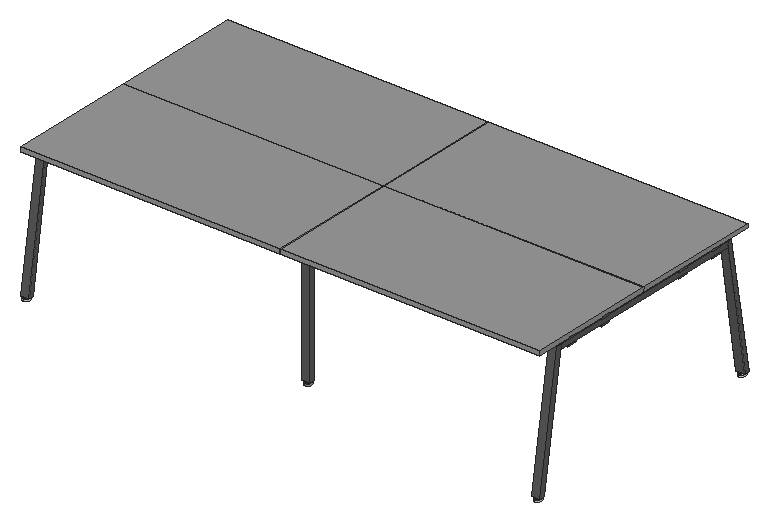
Revit family "Haworth_Tibas_Desk_BenchWorkstation_EU_PRELIMINARY", category Furniture, Revit 2019 (continued)
Definition of nested family "Haworth_Tibas_CableManagement_HorizontalCableTrayDoubleWire_PART"
  Definition of nested family "Haworth_Tibas_CableManagement_HorizontalCableTrayDoubleWire_120cm-PART"
    Automatic sketch dimensions
      Extrusion 2 sketch curve to Extrusion 2 sketch curve = 1.7963 cm
      plane 4 to Extrusion 3 sketch curve = 0.3062 cm  (x5)
      Extrusion 3 sketch curve to plane 7 = 0.6855 cm
      Extrusion 3 sketch curve to Extrusion 3 sketch curve = 7.5555 cm
      Extrusion 3 sketch curve to Extrusion 3 sketch curve = 0.1945 cm  (x2)
      plane 5 "Front" to Extrusion 3 sketch curve = 1.5977 cm  (x13)
      Extrusion 3 sketch curve to Extrusion 3 sketch curve = 5.7925 cm  (x8)
      Extrusion 3 sketch curve to Extrusion 3 sketch curve = 0.2075 cm  (x13)
      Extrusion 3 sketch curve to Extrusion 3 sketch curve = 5.8055 cm  (x7)
      Extrusion 3 sketch curve to Extrusion 3 sketch curve = 0.2204 cm  (x3)
      plane 3 to Extrusion 3 sketch curve = 3.7202 cm
      Extrusion 3 sketch curve to plane 3 = 2.2927 cm
      plane 8 to Extrusion 3 sketch curve = 0.5 cm
      Extrusion 3 sketch curve to Extrusion 3 sketch curve = 0 cm  (x20)
      Masking region 1 sketch curve to plane 7 = 0 cm
      Masking region 1 sketch curve to plane 8 = 0 cm
      Extrusion 4 sketch curve to plane 6 = 3.0319 cm
      Extrusion 4 sketch curve to Extrusion 4 sketch curve = 0.0018 cm
      Extrusion 4 sketch curve to Extrusion 4 sketch curve = 0.7759 cm
      Extrusion 4 sketch curve to plane 4 = 0.5519 cm
      Extrusion 4 sketch curve to Extrusion 4 sketch curve = 0.0223 cm
      plane 2 "Support Top" to Extrusion 4 sketch curve = 0.0675 cm
      Extrusion 4 sketch curve to Extrusion 4 sketch curve = 0.2 cm  (x3)
      Extrusion 4 sketch curve to Extrusion 4 sketch curve = 0.024 cm  (x2)
      Extrusion 4 sketch curve to plane 4 = 0.051 cm
      Extrusion 4 sketch curve to plane 4 = 0.0296 cm
      plane 4 to Extrusion 4 sketch curve = 0.1704 cm
      Extrusion 4 sketch curve to Extrusion 4 sketch curve = 0.0224 cm
      Extrusion 4 sketch curve to Extrusion 4 sketch curve = 4.0076 cm
      Extrusion 4 sketch curve to Extrusion 4 sketch curve = 0.02 cm  (x2)
      Extrusion 4 sketch curve to plane 2 "Support Top" = 0.1325 cm
      Extrusion 4 sketch curve to plane 2 "Support Top" = 5.7325 cm
      Extrusion 4 sketch curve to Extrusion 4 sketch curve = 0.225 cm
      Extrusion 4 sketch curve to Extrusion 4 sketch curve = 0 cm
      Extrusion 4 sketch curve to Extrusion 4 sketch curve = 2.5563 cm
      plane 6 to Extrusion 5 sketch curve = 3.0319 cm
      Extrusion 5 sketch curve to Extrusion 5 sketch curve = 0.0018 cm
      Extrusion 5 sketch curve to Extrusion 5 sketch curve = 0.7759 cm
      Extrusion 5 sketch curve to plane 5 "Front" = 0.5519 cm
      Extrusion 5 sketch curve to Extrusion 5 sketch curve = 0.0223 cm
      plane 2 "Support Top" to Extrusion 5 sketch curve = 0.0675 cm
      Extrusion 5 sketch curve to Extrusion 5 sketch curve = 0.2 cm  (x4)
      Extrusion 5 sketch curve to Extrusion 5 sketch curve = 0.024 cm
      Extrusion 5 sketch curve to plane 5 "Front" = 0.051 cm
      Extrusion 5 sketch curve to plane 5 "Front" = 0.0296 cm
      plane 5 "Front" to Extrusion 5 sketch curve = 0.1704 cm
      Extrusion 5 sketch curve to Extrusion 5 sketch curve = 0.0224 cm
      Extrusion 5 sketch curve to Extrusion 5 sketch curve = 4.0076 cm
      Extrusion 5 sketch curve to Extrusion 5 sketch curve = 0.02 cm  (x2)
      Extrusion 5 sketch curve to Extrusion 5 sketch curve = 2.5563 cm
      Extrusion 5 sketch curve to plane 2 "Support Top" = 0.1325 cm
      Extrusion 5 sketch curve to plane 2 "Support Top" = 5.7325 cm
      Extrusion 5 sketch curve to Extrusion 5 sketch curve = 0.225 cm
      Extrusion 5 sketch curve to Extrusion 5 sketch curve = 0 cm
      Extrusion 6 sketch curve to plane 6 = 3.0319 cm
      Extrusion 6 sketch curve to Extrusion 6 sketch curve = 0.0018 cm
      Extrusion 6 sketch curve to Extrusion 6 sketch curve = 0.7759 cm
      Extrusion 6 sketch curve to plane 4 = 0.5519 cm
      Extrusion 6 sketch curve to Extrusion 6 sketch curve = 0.0223 cm
      plane 2 "Support Top" to Extrusion 6 sketch curve = 0.0675 cm
      Extrusion 6 sketch curve to Extrusion 6 sketch curve = 0.2 cm  (x4)
      Extrusion 6 sketch curve to Extrusion 6 sketch curve = 0.024 cm
      Extrusion 6 sketch curve to plane 4 = 0.051 cm
      Extrusion 6 sketch curve to plane 4 = 0.0296 cm
      plane 4 to Extrusion 6 sketch curve = 0.1704 cm
      Extrusion 6 sketch curve to Extrusion 6 sketch curve = 0.0224 cm
      Extrusion 6 sketch curve to Extrusion 6 sketch curve = 4.0076 cm
      Extrusion 6 sketch curve to Extrusion 6 sketch curve = 0.02 cm  (x2)
      Extrusion 6 sketch curve to Extrusion 6 sketch curve = 2.5563 cm
      Extrusion 6 sketch curve to plane 2 "Support Top" = 0.1325 cm
      Extrusion 6 sketch curve to plane 2 "Support Top" = 5.7325 cm
      Extrusion 6 sketch curve to Extrusion 6 sketch curve = 0.225 cm
      Extrusion 6 sketch curve to Extrusion 6 sketch curve = 0 cm
      plane 6 to Extrusion 7 sketch curve = 3.0319 cm
      Extrusion 7 sketch curve to Extrusion 7 sketch curve = 0.0018 cm
      Extrusion 7 sketch curve to Extrusion 7 sketch curve = 0.7759 cm
      Extrusion 7 sketch curve to plane 5 "Front" = 0.5519 cm
      Extrusion 7 sketch curve to Extrusion 7 sketch curve = 0.0223 cm
      plane 2 "Support Top" to Extrusion 7 sketch curve = 0.0675 cm
      Extrusion 7 sketch curve to Extrusion 7 sketch curve = 0.2 cm  (x3)
      Extrusion 7 sketch curve to Extrusion 7 sketch curve = 0.024 cm  (x2)
      Extrusion 7 sketch curve to plane 5 "Front" = 0.051 cm
      Extrusion 7 sketch curve to plane 5 "Front" = 0.0296 cm
      plane 5 "Front" to Extrusion 7 sketch curve = 0.1704 cm
      Extrusion 7 sketch curve to Extrusion 7 sketch curve = 0.0224 cm
      Extrusion 7 sketch curve to Extrusion 7 sketch curve = 4.0076 cm
      Extrusion 7 sketch curve to Extrusion 7 sketch curve = 0.02 cm  (x2)
      Extrusion 7 sketch curve to plane 2 "Support Top" = 0.1325 cm
      Extrusion 7 sketch curve to plane 2 "Support Top" = 5.7325 cm
      Extrusion 7 sketch curve to Extrusion 7 sketch curve = 0.225 cm
      Extrusion 7 sketch curve to Extrusion 7 sketch curve = 0 cm
      Extrusion 7 sketch curve to Extrusion 7 sketch curve = 2.5563 cm
  Definition of nested family "Haworth_Tibas_CableManagement_HorizontalCableTrayDoubleWire_160cm-PART"
    Parameters (values of type "Wire Basket Double - 160cm")
      Warranty = "http://www.haworth.com/resources/product-info/warranties"
      Void Width = 20 cm  # constant formula
      URL = "www.haworth.com"
      Trim Finish = none
      Size = "Verify Final Dim. w/ Haworth"  # constant formula
      Revision Number = "1"  # constant formula
      Model = "Haworth -  Wire Basket "  # constant formula
      Manufacturer = "Haworth"  # constant formula
      Description = "Haworth -  Wire Basket 160cm "  # constant formula
      Cable Tray Finish = none
      Author = "Haworth (Abd Rahman)"  # constant formula
      Assembly Code = "E2020200"
      Actual Width = 160 cm  # constant formula
      Actual Depth = 35.5 cm  # constant formula
    Reference planes (cm)
      plane 1: z = 0
      plane 2 "Support Top": z = 74.1363
      plane 3: x = 20.8036
      plane 4: y = -4.3686
      plane 5 "Front": y = -39.8686
      plane 6: y = -22.1186
      plane 7: x = -59.1964
      plane 8: x = 100.8036
    Forms (cm)
      Extrusion 1, solid, material <- "Cable Tray Finish"
        sketch origin (-68.41, -24.7371, 0) x (0, 1, 0) y (0, 0, -1)
          loop
            line (-14.9352, -74.1362) -> (-14.9352, -68.4381)
            arc (-14.9352, -68.4381) -> (-14.8766, -68.2965) -> (-14.735, -68.2378) r 0.2003
            line (-14.735, -68.2378) -> (19.8574, -68.2378)
            arc (19.8574, -68.2378) -> (20.0023, -68.2979) -> (20.0623, -68.4428) r 0.205
            line (20.0623, -68.4428) -> (20.0623, -74.1362) -> (20.3686, -74.1362) -> (20.3686, -68.4261)
            arc (20.3686, -68.4261) -> (20.2547, -68.1513) -> (19.9799, -68.0374) r 0.3886
            line (19.9799, -68.0374) -> (-14.7394, -68.0374)
            arc (-14.7394, -68.0374) -> (-15.0138, -68.1511) -> (-15.1275, -68.4255) r 0.3881
            line (-15.1275, -68.4255) -> (-15.1275, -74.1362) -> (-14.9352, -74.1362)
        from -169.2136 to -9.2136
      Extrusion 2, void
        sketch origin (0, -2.9666, 0) x (1, 0, 0) y (0, 0, -1)
          loop
            line (-58.636, -73.9397) -> (-50.4684, -73.9397) -> (-50.4684, -70.6269) -> (-58.636, -70.6269) -> (-58.636, -73.9397)
          loop
            line (-50.4684, -70.4411) -> (-50.4684, -68.6179) -> (-58.636, -68.6179) -> (-58.636, -70.4411) -> (-50.4684, -70.4411)
          loop
            line (-50.261, -73.9397) -> (-44.4684, -73.9397) -> (-44.4684, -70.6269) -> (-50.261, -70.6269) -> (-50.261, -73.9397)
          loop
            line (-44.4684, -70.4411) -> (-44.4684, -68.6179) -> (-50.261, -68.6179) -> (-50.261, -70.4411) -> (-44.4684, -70.4411)
          loop
            line (-44.261, -73.9397) -> (-38.4684, -73.9397) -> (-38.4684, -70.6269) -> (-44.261, -70.6269) -> (-44.261, -73.9397)
          loop
            line (-38.4684, -70.4411) -> (-38.4684, -68.6448) -> (-44.261, -68.6448) -> (-44.261, -70.4411) -> (-38.4684, -70.4411)
          loop
            line (-38.261, -73.9397) -> (-32.4684, -73.9397) -> (-32.4684, -70.6269) -> (-38.261, -70.6269) -> (-38.261, -73.9397)
          loop
            line (-32.4684, -70.4411) -> (-32.4684, -68.6448) -> (-38.261, -68.6448) -> (-38.261, -70.4411) -> (-32.4684, -70.4411)
          loop
            line (-32.261, -73.9397) -> (-26.4684, -73.9397) -> (-26.4684, -70.6269) -> (-32.261, -70.6269) -> (-32.261, -73.9397)
          loop
            line (-26.4684, -70.4411) -> (-26.4684, -68.6448) -> (-32.261, -68.6448) -> (-32.261, -70.4411) -> (-26.4684, -70.4411)
          loop
            line (-26.261, -73.9397) -> (-20.4684, -73.9397) -> (-20.4684, -70.6269) -> (-26.261, -70.6269) -> (-26.261, -73.9397)
          loop
            line (-20.4684, -70.4411) -> (-20.4684, -68.6582) -> (-26.261, -68.6582) -> (-26.261, -70.4411) -> (-20.4684, -70.4411)
          loop
            line (-20.261, -73.9397) -> (-14.4684, -73.9397) -> (-14.4684, -70.6269) -> (-20.261, -70.6269) -> (-20.261, -73.9397)
          loop
            line (-14.4684, -70.4411) -> (-14.4684, -68.6582) -> (-20.261, -68.6582) -> (-20.261, -70.4411) -> (-14.4684, -70.4411)
          loop
            line (-14.261, -73.9397) -> (-8.4684, -73.9397) -> (-8.4684, -70.6269) -> (-14.261, -70.6269) -> (-14.261, -73.9397)
          loop
            line (-8.4684, -70.4411) -> (-8.4684, -68.6582) -> (-14.261, -68.6582) -> (-14.261, -70.4411) -> (-8.4684, -70.4411)
          loop
            line (-8.261, -73.9397) -> (-2.4684, -73.9397) -> (-2.4684, -70.6269) -> (-8.261, -70.6269) -> (-8.261, -73.9397)
          loop
            line (-2.4684, -70.4411) -> (-2.4684, -68.6448) -> (-8.261, -68.6448) -> (-8.261, -70.4411) -> (-2.4684, -70.4411)
          loop
            line (-2.261, -73.9397) -> (3.5316, -73.9397) -> (3.5316, -70.6269) -> (-2.261, -70.6269) -> (-2.261, -73.9397)
          loop
            line (3.5316, -70.4411) -> (3.5316, -68.6582) -> (-2.261, -68.6582) -> (-2.261, -70.4411) -> (3.5316, -70.4411)
          loop
            line (3.739, -73.9397) -> (9.5316, -73.9397) -> (9.5316, -70.6269) -> (3.739, -70.6269) -> (3.739, -73.9397)
          loop
            line (9.5316, -70.4411) -> (9.5316, -68.6582) -> (3.739, -68.6582) -> (3.739, -70.4411) -> (9.5316, -70.4411)
          loop
            line (9.739, -73.9397) -> (15.5316, -73.9397) -> (15.5316, -70.6269) -> (9.739, -70.6269) -> (9.739, -73.9397)
          loop
            line (15.5316, -70.4411) -> (15.5316, -68.6582) -> (9.739, -68.6582) -> (9.739, -70.4411) -> (15.5316, -70.4411)
          loop
            line (15.739, -73.9397) -> (21.5316, -73.9397) -> (21.5316, -70.6269) -> (15.739, -70.6269) -> (15.739, -73.9397)
          loop
            line (21.5316, -70.4411) -> (21.5316, -68.6582) -> (15.739, -68.6582) -> (15.739, -70.4411) -> (21.5316, -70.4411)
          loop
            line (21.739, -73.9397) -> (27.5316, -73.9397) -> (27.5316, -70.6269) -> (21.739, -70.6269) -> (21.739, -73.9397)
          loop
            line (27.5316, -70.4411) -> (27.5316, -68.6582) -> (21.739, -68.6582) -> (21.739, -70.4411) -> (27.5316, -70.4411)
          loop
            line (27.739, -73.9397) -> (33.5316, -73.9397) -> (33.5316, -70.6269) -> (27.739, -70.6269) -> (27.739, -73.9397)
          loop
            line (33.5316, -70.4411) -> (33.5316, -68.6448) -> (27.739, -68.6448) -> (27.739, -70.4411) -> (33.5316, -70.4411)
          loop
            line (33.739, -73.9397) -> (39.5316, -73.9397) -> (39.5316, -70.6269) -> (33.739, -70.6269) -> (33.739, -73.9397)
          loop
            line (39.5316, -70.4411) -> (39.5316, -68.6582) -> (33.739, -68.6582) -> (33.739, -70.4411) -> (39.5316, -70.4411)
          loop
            line (39.739, -73.9397) -> (45.5316, -73.9397) -> (45.5316, -70.6269) -> (39.739, -70.6269) -> (39.739, -73.9397)
          loop
            line (45.5316, -70.4411) -> (45.5316, -68.6582) -> (39.739, -68.6582) -> (39.739, -70.4411) -> (45.5316, -70.4411)
          loop
            line (45.739, -73.9397) -> (51.5316, -73.9397) -> (51.5316, -70.6269) -> (45.739, -70.6269) -> (45.739, -73.9397)
          loop
            line (51.5316, -70.4411) -> (51.5316, -68.6582) -> (45.739, -68.6582) -> (45.739, -70.4411) -> (51.5316, -70.4411)
          loop
            line (51.739, -73.9397) -> (57.5316, -73.9397) -> (57.5316, -70.6269) -> (51.739, -70.6269) -> (51.739, -73.9397)
          loop
            line (57.5316, -70.4411) -> (57.5316, -68.6582) -> (51.739, -68.6582) -> (51.739, -70.4411) -> (57.5316, -70.4411)
          loop
            line (57.739, -73.9397) -> (63.5316, -73.9397) -> (63.5316, -70.6269) -> (57.739, -70.6269) -> (57.739, -73.9397)
          loop
            line (63.5316, -70.4411) -> (63.5316, -68.6582) -> (57.739, -68.6582) -> (57.739, -70.4411) -> (63.5316, -70.4411)
          loop
            line (63.739, -73.9397) -> (69.5316, -73.9397) -> (69.5316, -70.6269) -> (63.739, -70.6269) -> (63.739, -73.9397)
          loop
            line (69.5316, -70.4411) -> (69.5316, -68.6448) -> (63.739, -68.6448) -> (63.739, -70.4411) -> (69.5316, -70.4411)
          loop
            line (69.739, -73.9397) -> (75.5316, -73.9397) -> (75.5316, -70.6269) -> (69.739, -70.6269) -> (69.739, -73.9397)
          loop
            line (75.5316, -70.4411) -> (75.5316, -68.6582) -> (69.739, -68.6582) -> (69.739, -70.4411) -> (75.5316, -70.4411)
          loop
            line (75.739, -73.9397) -> (81.5316, -73.9397) -> (81.5316, -70.6269) -> (75.739, -70.6269) -> (75.739, -73.9397)
          loop
            line (81.5316, -70.4411) -> (81.5316, -68.6582) -> (75.739, -68.6582) -> (75.739, -70.4411) -> (81.5316, -70.4411)
          loop
            line (81.739, -73.9397) -> (87.5316, -73.9397) -> (87.5316, -70.6269) -> (81.739, -70.6269) -> (81.739, -73.9397)
          loop
            line (87.5316, -70.4411) -> (87.5316, -68.6582) -> (81.739, -68.6582) -> (81.739, -70.4411) -> (87.5316, -70.4411)
          loop
            line (87.739, -73.9397) -> (93.5316, -73.9397) -> (93.5316, -70.6269) -> (87.739, -70.6269) -> (87.739, -73.9397)
          loop
            line (93.5316, -70.4411) -> (93.5316, -68.6582) -> (87.739, -68.6582) -> (87.739, -70.4411) -> (93.5316, -70.4411)
          loop
            line (93.739, -73.9397) -> (100.4066, -73.9397) -> (100.4066, -70.6269) -> (93.739, -70.6269) -> (93.739, -73.9397)
          loop
            line (100.4066, -70.4411) -> (100.4066, -68.6582) -> (93.739, -68.6582) -> (93.739, -70.4411) -> (100.4066, -70.4411)
        from -45.4705 to 0.5784
      Extrusion 3, void
        sketch origin (0, -24.7371, 0) x (1, 0, 0) y (0, 1, 0)
          loop
            line (-58.511, -13.5337) -> (-54.9555, -13.5337) -> (-54.9555, 20.0623) -> (-58.511, 20.0623) -> (-58.511, -13.5337)
          loop
            line (-54.761, -13.5337) -> (-48.9684, -13.5337) -> (-48.9684, 20.0623) -> (-54.761, 20.0623) -> (-54.761, -13.5337)
          loop
            line (-48.761, -13.5337) -> (-42.9555, -13.5337) -> (-42.9555, 20.0623) -> (-48.761, 20.0623) -> (-48.761, -13.5337)
          loop
            line (-42.761, -13.5337) -> (-36.9684, -13.5337) -> (-36.9684, 20.0623) -> (-42.761, 20.0623) -> (-42.761, -13.5337)
          loop
            line (-36.761, -13.5337) -> (-30.9555, -13.5337) -> (-30.9555, 20.0623) -> (-36.761, 20.0623) -> (-36.761, -13.5337)
          loop
            line (-30.761, -13.5337) -> (-24.9684, -13.5337) -> (-24.9684, 20.0623) -> (-30.761, 20.0623) -> (-30.761, -13.5337)
          loop
            line (-24.761, -13.5337) -> (-18.9555, -13.5337) -> (-18.9555, 20.0623) -> (-24.761, 20.0623) -> (-24.761, -13.5337)
          loop
            line (-18.761, -13.5337) -> (-12.9684, -13.5337) -> (-12.9684, 20.0623) -> (-18.761, 20.0623) -> (-18.761, -13.5337)
          loop
            line (-12.761, -13.5337) -> (-6.9555, -13.5337) -> (-6.9555, 20.0623) -> (-12.761, 20.0623) -> (-12.761, -13.5337)
          loop
            line (-6.748, -13.5337) -> (-0.9555, -13.5337) -> (-0.9555, 20.0623) -> (-6.748, 20.0623) -> (-6.748, -13.5337)
          loop
            line (-0.748, -13.5337) -> (5.0575, -13.5337) -> (5.0575, 20.0623) -> (-0.748, 20.0623) -> (-0.748, -13.5337)
          loop
            line (5.2779, -13.5337) -> (11.0704, -13.5337) -> (11.0704, 20.0623) -> (5.2779, 20.0623) -> (5.2779, -13.5337)
          loop
            line (11.2779, -13.5337) -> (17.0834, -13.5337) -> (17.0834, 20.0623) -> (11.2779, 20.0623) -> (11.2779, -13.5337)
          loop
            line (17.2908, -13.5337) -> (23.0963, -13.5337) -> (23.0963, 20.0623) -> (17.2908, 20.0623) -> (17.2908, -13.5337)
          loop
            line (23.3038, -13.5337) -> (29.0963, -13.5337) -> (29.0963, 20.0623) -> (23.3038, 20.0623) -> (23.3038, -13.5337)
          loop
            line (29.3038, -13.5337) -> (35.1093, -13.5337) -> (35.1093, 20.0623) -> (29.3038, 20.0623) -> (29.3038, -13.5337)
          loop
            line (35.3297, -13.5337) -> (41.1222, -13.5337) -> (41.1222, 20.0623) -> (35.3297, 20.0623) -> (35.3297, -13.5337)
          loop
            line (41.3297, -13.5337) -> (47.1351, -13.5337) -> (47.1351, 20.0623) -> (41.3297, 20.0623) -> (41.3297, -13.5337)
          loop
            line (47.3426, -13.5337) -> (53.1481, -13.5337) -> (53.1481, 20.0623) -> (47.3426, 20.0623) -> (47.3426, -13.5337)
          loop
            line (53.3556, -13.5337) -> (59.1481, -13.5337) -> (59.1481, 20.0623) -> (53.3556, 20.0623) -> (53.3556, -13.5337)
          loop
            line (59.3556, -13.5337) -> (65.161, -13.5337) -> (65.161, 20.0623) -> (59.3556, 20.0623) -> (59.3556, -13.5337)
          loop
            line (65.3815, -13.5337) -> (71.174, -13.5337) -> (71.174, 20.0623) -> (65.3815, 20.0623) -> (65.3815, -13.5337)
          loop
            line (71.3815, -13.5337) -> (77.1869, -13.5337) -> (77.1869, 20.0623) -> (71.3815, 20.0623) -> (71.3815, -13.5337)
          loop
            line (77.3944, -13.5337) -> (83.1999, -13.5337) -> (83.1999, 20.0623) -> (77.3944, 20.0623) -> (77.3944, -13.5337)
          loop
            line (83.4074, -13.5337) -> (89.1999, -13.5337) -> (89.1999, 20.0623) -> (83.4074, 20.0623) -> (83.4074, -13.5337)
          loop
            line (89.4074, -13.5337) -> (95.2128, -13.5337) -> (95.2128, 20.0623) -> (89.4074, 20.0623) -> (89.4074, -13.5337)
          loop
            line (95.4333, -13.5337) -> (100.1181, -13.5337) -> (100.1181, 20.0623) -> (95.4333, 20.0623) -> (95.4333, -13.5337)
        from 0 to 76.0995
      Extrusion 4, solid, material <- "Trim Finish"
        sketch origin (109.161, -43.9904, 80.0038) x (0, 1, 0) y (0, 0, 1)
          loop
            arc (-0.1605, -2.8) -> (-0.3161, -2.8644) -> (-0.3806, -3.02) r 0.22
            line (-0.3806, -3.02) -> (-0.3806, -6) -> (-0.1806, -6) -> (-0.1806, -3) -> (3.8694, -3) -> (3.8694, -5.5787)
            arc (3.8694, -5.5787) -> (3.9343, -5.7352) -> (4.0907, -5.8) r 0.2213
            line (4.0907, -5.8) -> (4.3694, -5.8) -> (4.3694, -12.2277)
            arc (4.3694, -12.2277) -> (4.4345, -12.3849) -> (4.5917, -12.45) r 0.2223
            line (4.5917, -12.45) -> (18.7578, -12.45)
            arc (18.7578, -12.45) -> (19.1828, -12.025) -> (18.7578, -11.6) r 0.425
            line (18.7578, -11.6) -> (17.9819, -11.6) -> (17.9819, -11.8) -> (18.7561, -11.8)
            arc (18.7561, -11.8) -> (18.9811, -12.025) -> (18.7561, -12.25) r 0.225
            line (18.7561, -12.25) -> (4.5694, -12.25) -> (4.5694, -5.824)
            arc (4.5694, -5.824) -> (4.5038, -5.6656) -> (4.3454, -5.6) r 0.224
            line (4.3454, -5.6) -> (4.0694, -5.6) -> (4.0694, -3.0224)
            arc (4.0694, -3.0224) -> (4.0043, -2.8651) -> (3.8471, -2.8) r 0.2224
            line (3.8471, -2.8) -> (-0.1605, -2.8)
        from -36.501 to -33.501
      Extrusion 5, solid, material <- "Trim Finish"
        sketch origin (109.161, -0.2468, 80.0038) x (0, -1, 0) y (0, 0, -1)
          loop
            line (-0.1605, 2.8) -> (3.8471, 2.8)
            arc (3.8471, 2.8) -> (4.0043, 2.8651) -> (4.0694, 3.0224) r 0.2224
            line (4.0694, 3.0224) -> (4.0694, 5.6) -> (4.3454, 5.6)
            arc (4.3454, 5.6) -> (4.5038, 5.6656) -> (4.5694, 5.824) r 0.224
            line (4.5694, 5.824) -> (4.5694, 12.25) -> (18.7561, 12.25)
            arc (18.7561, 12.25) -> (18.9811, 12.025) -> (18.7561, 11.8) r 0.225
            line (18.7561, 11.8) -> (17.9819, 11.8) -> (17.9819, 11.6) -> (18.7578, 11.6)
            arc (18.7578, 11.6) -> (19.1828, 12.025) -> (18.7578, 12.45) r 0.425
            line (18.7578, 12.45) -> (4.5917, 12.45)
            arc (4.5917, 12.45) -> (4.4345, 12.3849) -> (4.3694, 12.2277) r 0.2223
            line (4.3694, 12.2277) -> (4.3694, 5.8) -> (4.0907, 5.8)
            arc (4.0907, 5.8) -> (3.9343, 5.7352) -> (3.8694, 5.5787) r 0.2213
            line (3.8694, 5.5787) -> (3.8694, 3) -> (-0.1806, 3) -> (-0.1806, 6) -> (-0.3806, 6) -> (-0.3806, 3.02)
            arc (-0.3806, 3.02) -> (-0.3161, 2.8644) -> (-0.1605, 2.8) r 0.22
        from -36.501 to -33.501
      Extrusion 6, solid, material <- "Trim Finish"
        sketch origin (-68.5538, -43.9904, 80.0038) x (0, 1, 0) y (0, 0, -1)
          loop
            line (-0.1605, 2.8) -> (3.8471, 2.8)
            arc (3.8471, 2.8) -> (4.0043, 2.8651) -> (4.0694, 3.0224) r 0.2224
            line (4.0694, 3.0224) -> (4.0694, 5.6) -> (4.3454, 5.6)
            arc (4.3454, 5.6) -> (4.5038, 5.6656) -> (4.5694, 5.824) r 0.224
            line (4.5694, 5.824) -> (4.5694, 12.25) -> (18.7561, 12.25)
            arc (18.7561, 12.25) -> (18.9811, 12.025) -> (18.7561, 11.8) r 0.225
            line (18.7561, 11.8) -> (17.9819, 11.8) -> (17.9819, 11.6) -> (18.7578, 11.6)
            arc (18.7578, 11.6) -> (19.1828, 12.025) -> (18.7578, 12.45) r 0.425
            line (18.7578, 12.45) -> (4.5917, 12.45)
            arc (4.5917, 12.45) -> (4.4345, 12.3849) -> (4.3694, 12.2277) r 0.2223
            line (4.3694, 12.2277) -> (4.3694, 5.8) -> (4.0907, 5.8)
            arc (4.0907, 5.8) -> (3.9343, 5.7352) -> (3.8694, 5.5787) r 0.2213
            line (3.8694, 5.5787) -> (3.8694, 3) -> (-0.1806, 3) -> (-0.1806, 6) -> (-0.3806, 6) -> (-0.3806, 3.02)
            arc (-0.3806, 3.02) -> (-0.3161, 2.8644) -> (-0.1605, 2.8) r 0.22
        from -36.501 to -33.501
      Extrusion 7, solid, material <- "Trim Finish"
        sketch origin (-68.5538, -0.2468, 80.0038) x (0, -1, 0) y (0, 0, 1)
          loop
            arc (-0.1605, -2.8) -> (-0.3161, -2.8644) -> (-0.3806, -3.02) r 0.22
            line (-0.3806, -3.02) -> (-0.3806, -6) -> (-0.1806, -6) -> (-0.1806, -3) -> (3.8694, -3) -> (3.8694, -5.5787)
            arc (3.8694, -5.5787) -> (3.9343, -5.7352) -> (4.0907, -5.8) r 0.2213
            line (4.0907, -5.8) -> (4.3694, -5.8) -> (4.3694, -12.2277)
            arc (4.3694, -12.2277) -> (4.4345, -12.3849) -> (4.5917, -12.45) r 0.2223
            line (4.5917, -12.45) -> (18.7578, -12.45)
            arc (18.7578, -12.45) -> (19.1828, -12.025) -> (18.7578, -11.6) r 0.425
            line (18.7578, -11.6) -> (17.9819, -11.6) -> (17.9819, -11.8) -> (18.7561, -11.8)
            arc (18.7561, -11.8) -> (18.9811, -12.025) -> (18.7561, -12.25) r 0.225
            line (18.7561, -12.25) -> (4.5694, -12.25) -> (4.5694, -5.824)
            arc (4.5694, -5.824) -> (4.5038, -5.6656) -> (4.3454, -5.6) r 0.224
            line (4.3454, -5.6) -> (4.0694, -5.6) -> (4.0694, -3.0224)
            arc (4.0694, -3.0224) -> (4.0043, -2.8651) -> (3.8471, -2.8) r 0.2224
            line (3.8471, -2.8) -> (-0.1605, -2.8)
        from -36.501 to -33.501
    Cuts and joins
      Extrusion 2, Extrusion 3 cuts Extrusion 1
    Lines and regions (cm)
      Masking region 1
        outline origin (0, 0, 0) x (1, 0, 0) y (0, 1, 0)
          loop
            line (-59.1964, -4.3686) -> (-59.1964, -39.8686) -> (100.8036, -39.8686) -> (100.8036, -4.3686) -> (-59.1964, -4.3686)
    Dimensions and locks (cm)
      locked: plane 2 "Support Top" to level at 74.1363
      equal spacing: plane 4, plane 6, plane 5 "Front"
      "Actual Depth": plane 5 "Front" to plane 4
      equal spacing: plane 7, plane 3, plane 8
      "Actual Width": plane 7 to plane 8
      aligned and locked: plane 4 to cut or joined group of Extrusion 1, Extrusion 2, Extrusion 3
      aligned and locked: Masking region 1 sketch curve to plane 4
      aligned and locked: Masking region 1 sketch curve to plane 5 "Front"
      aligned and locked: cut or joined group of Extrusion 1, Extrusion 2, Extrusion 3 to plane 8
      aligned and locked: Masking region 1 to plane 8
      aligned and locked: cut or joined group of Extrusion 1, Extrusion 2, Extrusion 3 to plane 7
      aligned and locked: Masking region 1 to plane 7
    Automatic sketch dimensions
      Extrusion 1 sketch curve to plane 2 "Support Top" = 0 cm  (x2)
      Extrusion 1 sketch curve to plane 4 = 0 cm
      Extrusion 1 sketch curve to Extrusion 1 sketch curve = 0.3062 cm
      Extrusion 1 sketch curve to plane 4 = 0.3886 cm
      Extrusion 1 sketch curve to Extrusion 1 sketch curve = 0.1226 cm
      Extrusion 1 sketch curve to plane 5 "Front" = 0.3965 cm
      Extrusion 1 sketch curve to Extrusion 1 sketch curve = 0.0044 cm
      Extrusion 1 sketch curve to plane 5 "Front" = 0.1962 cm
      Extrusion 1 sketch curve to plane 5 "Front" = 0.004 cm
      Extrusion 1 sketch curve to plane 2 "Support Top" = 5.6934 cm
      Extrusion 1 sketch curve to Extrusion 1 sketch curve = 0.0167 cm
      Extrusion 2 sketch curve to plane 2 "Support Top" = 0.1965 cm  (x26)
      plane 7 to Extrusion 2 sketch curve = 0.5605 cm
      Extrusion 2 sketch curve to Extrusion 2 sketch curve = 0 cm  (x65)
      Extrusion 2 sketch curve to Extrusion 2 sketch curve = 8.1675 cm
      Extrusion 2 sketch curve to Extrusion 2 sketch curve = 0.2075 cm  (x34)
      Extrusion 2 sketch curve to Extrusion 2 sketch curve = 5.7925 cm  (x22)
      Extrusion 2 sketch curve to plane 3 = 5.272 cm
      plane 3 to Extrusion 2 sketch curve = 0.728 cm  (x2)
      Extrusion 2 sketch curve to plane 8 = 0.397 cm  (x2)
      Extrusion 2 sketch curve to Extrusion 2 sketch curve = 3.3128 cm  (x6)
      Extrusion 2 sketch curve to Extrusion 2 sketch curve = 0.1859 cm  (x26)
      Extrusion 2 sketch curve to Extrusion 2 sketch curve = 1.7829 cm  (x16)
      Extrusion 2 sketch curve to Extrusion 2 sketch curve = 0.0134 cm  (x4)
      Extrusion 2 sketch curve to Extrusion 2 sketch curve = 1.7963 cm
      Extrusion 2 sketch curve to Extrusion 2 sketch curve = 1.8232 cm
      plane 4 to Extrusion 3 sketch curve = 0.3062 cm  (x16)
      Extrusion 3 sketch curve to plane 7 = 0.6855 cm
      Extrusion 3 sketch curve to Extrusion 3 sketch curve = 3.5555 cm
      Extrusion 3 sketch curve to Extrusion 3 sketch curve = 0.1945 cm  (x4)
      Extrusion 3 sketch curve to Extrusion 3 sketch curve = 5.7925 cm  (x11)
      Extrusion 3 sketch curve to Extrusion 3 sketch curve = 0.2075 cm  (x18)
      Extrusion 3 sketch curve to Extrusion 3 sketch curve = 5.8055 cm  (x11)
      plane 5 "Front" to Extrusion 3 sketch curve = 1.5977 cm  (x13)
      Extrusion 3 sketch curve to Extrusion 3 sketch curve = 0.2204 cm  (x4)
      plane 3 to Extrusion 3 sketch curve = 3.7202 cm
      Extrusion 3 sketch curve to plane 3 = 2.2927 cm
      plane 8 to Extrusion 3 sketch curve = 5.5907 cm
      plane 8 to Extrusion 3 sketch curve = 0.6855 cm
      Extrusion 3 sketch curve to Extrusion 3 sketch curve = 0 cm  (x25)
      Masking region 1 sketch curve to plane 7 = 0 cm
      Masking region 1 sketch curve to plane 8 = 0 cm
      Extrusion 4 sketch curve to plane 2 "Support Top" = 0.1325 cm
      plane 5 "Front" to Extrusion 4 sketch curve = 4.5024 cm
      Extrusion 4 sketch curve to Extrusion 4 sketch curve = 0.2 cm  (x3)
      Extrusion 4 sketch curve to Extrusion 4 sketch curve = 0.02 cm  (x2)
      plane 5 "Front" to Extrusion 4 sketch curve = 0.2748 cm
      Extrusion 4 sketch curve to Extrusion 4 sketch curve = 0.0224 cm
      plane 5 "Front" to Extrusion 4 sketch curve = 0.0524 cm
      plane 5 "Front" to Extrusion 4 sketch curve = 0.0311 cm
      plane 2 "Support Top" to Extrusion 4 sketch curve = 0.0435 cm
      Extrusion 4 sketch curve to plane 5 "Front" = 0.2236 cm
      Extrusion 4 sketch curve to Extrusion 4 sketch curve = 0.024 cm  (x2)
      Extrusion 4 sketch curve to Extrusion 4 sketch curve = 0.0223 cm
      plane 6 to Extrusion 4 sketch curve = 3.8899 cm
      Extrusion 4 sketch curve to Extrusion 4 sketch curve = 0.7741 cm
      Extrusion 4 sketch curve to Extrusion 4 sketch curve = 0.0018 cm
      Extrusion 4 sketch curve to plane 2 "Support Top" = 5.7325 cm
      Extrusion 4 sketch curve to Extrusion 4 sketch curve = 0.225 cm
      Extrusion 4 sketch curve to Extrusion 4 sketch curve = 0 cm
      Extrusion 4 sketch curve to Extrusion 4 sketch curve = 2.5563 cm
      Extrusion 5 sketch curve to plane 2 "Support Top" = 0.1325 cm
      plane 4 to Extrusion 5 sketch curve = 4.5024 cm
      Extrusion 5 sketch curve to Extrusion 5 sketch curve = 0.2 cm  (x3)
      Extrusion 5 sketch curve to Extrusion 5 sketch curve = 0.02 cm  (x2)
      plane 4 to Extrusion 5 sketch curve = 0.2748 cm
      Extrusion 5 sketch curve to Extrusion 5 sketch curve = 0.0224 cm
      plane 4 to Extrusion 5 sketch curve = 0.0524 cm
      plane 4 to Extrusion 5 sketch curve = 0.0311 cm
      plane 2 "Support Top" to Extrusion 5 sketch curve = 0.0435 cm
      Extrusion 5 sketch curve to plane 4 = 0.2236 cm
      Extrusion 5 sketch curve to Extrusion 5 sketch curve = 0.024 cm
      Extrusion 5 sketch curve to Extrusion 5 sketch curve = 0.0223 cm
      Extrusion 5 sketch curve to plane 6 = 3.8899 cm
      Extrusion 5 sketch curve to Extrusion 5 sketch curve = 0.7741 cm
      Extrusion 5 sketch curve to Extrusion 5 sketch curve = 0.0018 cm
      Extrusion 5 sketch curve to Extrusion 5 sketch curve = 0.0213 cm
      Extrusion 5 sketch curve to Extrusion 5 sketch curve = 2.5563 cm
      Extrusion 5 sketch curve to plane 2 "Support Top" = 5.7325 cm
      Extrusion 5 sketch curve to Extrusion 5 sketch curve = 0.225 cm
      Extrusion 5 sketch curve to Extrusion 5 sketch curve = 0 cm
      Extrusion 6 sketch curve to plane 2 "Support Top" = 0.1325 cm
      plane 5 "Front" to Extrusion 6 sketch curve = 4.5024 cm
      Extrusion 6 sketch curve to Extrusion 6 sketch curve = 0.2 cm  (x3)
      Extrusion 6 sketch curve to Extrusion 6 sketch curve = 0.02 cm  (x2)
      plane 5 "Front" to Extrusion 6 sketch curve = 0.2748 cm
      Extrusion 6 sketch curve to Extrusion 6 sketch curve = 0.0224 cm
      plane 5 "Front" to Extrusion 6 sketch curve = 0.0524 cm
      plane 5 "Front" to Extrusion 6 sketch curve = 0.0311 cm
      plane 2 "Support Top" to Extrusion 6 sketch curve = 0.0435 cm
      Extrusion 6 sketch curve to plane 5 "Front" = 0.2236 cm
      Extrusion 6 sketch curve to Extrusion 6 sketch curve = 0.024 cm
      Extrusion 6 sketch curve to Extrusion 6 sketch curve = 0.0223 cm
      plane 6 to Extrusion 6 sketch curve = 3.8899 cm
      Extrusion 6 sketch curve to Extrusion 6 sketch curve = 0.7741 cm
      Extrusion 6 sketch curve to Extrusion 6 sketch curve = 0.0018 cm
      Extrusion 6 sketch curve to Extrusion 6 sketch curve = 0.0213 cm
      Extrusion 6 sketch curve to Extrusion 6 sketch curve = 2.5563 cm
      Extrusion 6 sketch curve to plane 2 "Support Top" = 5.7325 cm
      Extrusion 6 sketch curve to Extrusion 6 sketch curve = 0.225 cm
      Extrusion 6 sketch curve to Extrusion 6 sketch curve = 0 cm
      Extrusion 7 sketch curve to plane 2 "Support Top" = 0.1325 cm
      plane 4 to Extrusion 7 sketch curve = 4.5024 cm
      Extrusion 7 sketch curve to Extrusion 7 sketch curve = 0.2 cm  (x3)
      Extrusion 7 sketch curve to Extrusion 7 sketch curve = 0.02 cm  (x2)
      plane 4 to Extrusion 7 sketch curve = 0.2748 cm
      Extrusion 7 sketch curve to Extrusion 7 sketch curve = 0.0224 cm
      plane 4 to Extrusion 7 sketch curve = 0.0524 cm
      plane 4 to Extrusion 7 sketch curve = 0.0311 cm
      plane 2 "Support Top" to Extrusion 7 sketch curve = 0.0435 cm
      Extrusion 7 sketch curve to plane 4 = 0.2236 cm
      Extrusion 7 sketch curve to Extrusion 7 sketch curve = 0.024 cm  (x2)
      Extrusion 7 sketch curve to Extrusion 7 sketch curve = 0.0223 cm
      Extrusion 7 sketch curve to plane 6 = 3.8899 cm
      Extrusion 7 sketch curve to Extrusion 7 sketch curve = 0.7741 cm
      Extrusion 7 sketch curve to Extrusion 7 sketch curve = 0.0018 cm
      Extrusion 7 sketch curve to plane 2 "Support Top" = 5.7325 cm
      Extrusion 7 sketch curve to Extrusion 7 sketch curve = 0.225 cm
      Extrusion 7 sketch curve to Extrusion 7 sketch curve = 0 cm
      Extrusion 7 sketch curve to Extrusion 7 sketch curve = 2.5563 cm
Definition of nested family "Haworth_Tibas_CableManagement_HorizontalCableTraySingleWire_PART"
  Parameters (values of type "Wire Basket")
    Warranty = "http://www.haworth.com/resources/product-info/warranties"
    URL = "www.haworth.com"
    Trim Finish = none
    Size = "Verify Final Dim. w/ Haworth"  # constant formula
    Revision Number = "1"  # constant formula
    Model = "Haworth -  Wire Basket "  # constant formula
    Manufacturer = "Haworth"  # constant formula
    Description = "Haworth -  Wire Basket "  # constant formula
    Cable Tray Finish [instance] = none
    Author = "Haworth (Abd Rahman)"  # constant formula
    Assembly Code = "E2020200"
    Actual Width = 200 cm
    Actual Depth = 16 cm  # constant formula
    80cm = yes
    200cm = yes
    180cm = yes
    160cm = yes
    140cm = yes
    120cm = yes
    100cm = yes
  Reference planes (cm)
    plane 1: z = 0
    plane 2 "Support Top": z = 74.1363
    plane 3: x = -79.1964
    plane 4: x = 120.8036
    plane 5: x = 20.8036
    plane 6: y = -4.3686
    plane 7 "Front": y = -20.3686
    plane 8: y = -12.3686
  Dimensions and locks (cm)
    locked: plane 2 "Support Top" to level at 74.1363
    equal spacing: plane 3, plane 5, plane 4
    "Actual Width": plane 3 to plane 4
    equal spacing: plane 6, plane 8, plane 7 "Front"
    "Actual Depth": plane 7 "Front" to plane 6
    aligned and locked: plane 5 to nested 1
    aligned and locked: plane 5 to nested 2
    aligned and locked: plane 5 to nested 3
    aligned and locked: plane 5 to nested 5
    aligned and locked: plane 5 to nested 4
    aligned and locked: plane 5 to nested 6
    aligned and locked: plane 8 to nested 1
    aligned and locked: plane 8 to nested 2
    aligned and locked: plane 8 to nested 3
    aligned and locked: plane 8 to nested 5
    aligned and locked: plane 8 to nested 6
    aligned and locked: plane 8 to nested 4
    aligned and locked: plane 5 to nested 7
    aligned and locked: plane 8 to nested 7
    aligned and locked: plane 2 "Support Top" to nested 5
    aligned and locked: plane 2 "Support Top" to nested 4
    aligned and locked: plane 2 "Support Top" to nested 6
    aligned and locked: plane 2 "Support Top" to nested 3
    aligned and locked: plane 2 "Support Top" to nested 7
    aligned and locked: plane 2 "Support Top" to nested 2
    aligned and locked: plane 2 "Support Top" to nested 1
  Nested families (cm)
    nested 1: "Haworth_Tibas_CableManagement_HorizontalCableTraySingleWire_80cm-PART" at (0, 0, 0), visible <- "80cm", type "Wire Basket Single - 80cm"
    nested 2: "Haworth_Tibas_CableManagement_HorizontalCableTraySingleWire_100cm-PART" at (0, 0, 0), visible <- "100cm", type "Wire Basket Single - 100cm"
    nested 3: "Haworth_Tibas_CableManagement_HorizontalCableTraySingleWire_140cm-PART" at (0, 0, 0), visible <- "140cm", type "Wire Basket Single - 140cm"
    nested 4: "Haworth_Tibas_CableManagement_HorizontalCableTraySingleWire_180cm-PART" at (0, 0, 0), visible <- "180cm", type "Wire Basket Single - 180cm"
    nested 5: "Haworth_Tibas_CableManagement_HorizontalCableTraySingleWire_200cm-PART" at (0, 0, 0), visible <- "200cm", type "Wire Basket Single - 200cm"
    nested 6: "Haworth_Tibas_CableManagement_HorizontalCableTraySingleWire_160cm-PART" at (0, 0, 0), visible <- "160cm", type "Wire Basket Single - 160cm"
    nested 7: "Haworth_Tibas_CableManagement_HorizontalCableTraySingleWire_120cm-PART" at (0, 0, 0), visible <- "120cm", type "Wire Basket Single - 120cm"
  Definition of nested family "Haworth_Tibas_CableManagement_HorizontalCableTraySingleWire_80cm-PART"
    Parameters (values of type "Wire Basket Single - 80cm")
      Warranty = "http://www.haworth.com/resources/product-info/warranties"
      Void Width = 20 cm  # constant formula
      URL = "www.haworth.com"
      Trim Finish = none
      Size = "Verify Final Dim. w/ Haworth"  # constant formula
      Revision Number = "1"  # constant formula
      Model = "Haworth -  Wire Basket "  # constant formula
      Manufacturer = "Haworth"  # constant formula
      Description = "Haworth -  Wire Basket 80cm "  # constant formula
      Cable Tray Finish = none
      Author = "Haworth (Abd Rahman)"  # constant formula
      Assembly Code = "E2020200"
      Actual Width = 80 cm  # constant formula
      Actual Depth = 16 cm  # constant formula
    Reference planes (cm)
      plane 1: z = 0
      plane 2 "Support Top": z = 74.1363
      plane 3: x = 20.8036
      plane 4: y = -4.3686
      plane 5 "Front": y = -20.3686
      plane 6: y = -12.3686
      plane 7: x = -19.1964
      plane 8: x = 60.8036
    Forms (cm)
      Extrusion 1, solid, material <- "Cable Tray Finish"
        sketch origin (-68.41, -24.7371, 0) x (0, 1, 0) y (0, 0, -1)
          loop
            line (5.5335, -74.1362) -> (5.5335, -68.4381)
            arc (5.5335, -68.4381) -> (5.5922, -68.2965) -> (5.7338, -68.2378) r 0.2003
            line (5.7338, -68.2378) -> (19.8574, -68.2378)
            arc (19.8574, -68.2378) -> (20.0023, -68.2979) -> (20.0623, -68.4428) r 0.205
            line (20.0623, -68.4428) -> (20.0623, -74.1362) -> (20.3686, -74.1362) -> (20.3686, -68.4261)
            arc (20.3686, -68.4261) -> (20.2547, -68.1513) -> (19.9799, -68.0374) r 0.3886
            line (19.9799, -68.0374) -> (5.7294, -68.0374)
            arc (5.7294, -68.0374) -> (5.455, -68.1511) -> (5.3413, -68.4255) r 0.3881
            line (5.3413, -68.4255) -> (5.3413, -74.1362) -> (5.5335, -74.1362)
        from -129.2136 to -49.2136
      Extrusion 2, void
        sketch origin (0, -2.9666, 0) x (1, 0, 0) y (0, 0, -1)
          loop
            line (-19.011, -73.9397) -> (-14.4684, -73.9397) -> (-14.4684, -70.6269) -> (-19.011, -70.6269) -> (-19.011, -73.9397)
          loop
            line (-14.4684, -70.4411) -> (-14.4684, -68.6582) -> (-19.011, -68.6582) -> (-19.011, -70.4411) -> (-14.4684, -70.4411)
          loop
            line (-14.261, -73.9397) -> (-8.4684, -73.9397) -> (-8.4684, -70.6269) -> (-14.261, -70.6269) -> (-14.261, -73.9397)
          loop
            line (-8.4684, -70.4411) -> (-8.4684, -68.6582) -> (-14.261, -68.6582) -> (-14.261, -70.4411) -> (-8.4684, -70.4411)
          loop
            line (-8.261, -73.9397) -> (-2.4684, -73.9397) -> (-2.4684, -70.6269) -> (-8.261, -70.6269) -> (-8.261, -73.9397)
          loop
            line (-2.4684, -70.4411) -> (-2.4684, -68.6448) -> (-8.261, -68.6448) -> (-8.261, -70.4411) -> (-2.4684, -70.4411)
          loop
            line (-2.261, -73.9397) -> (3.5316, -73.9397) -> (3.5316, -70.6269) -> (-2.261, -70.6269) -> (-2.261, -73.9397)
          loop
            line (3.5316, -70.4411) -> (3.5316, -68.6582) -> (-2.261, -68.6582) -> (-2.261, -70.4411) -> (3.5316, -70.4411)
          loop
            line (3.739, -73.9397) -> (9.5316, -73.9397) -> (9.5316, -70.6269) -> (3.739, -70.6269) -> (3.739, -73.9397)
          loop
            line (9.5316, -70.4411) -> (9.5316, -68.6582) -> (3.739, -68.6582) -> (3.739, -70.4411) -> (9.5316, -70.4411)
          loop
            line (9.739, -73.9397) -> (15.5316, -73.9397) -> (15.5316, -70.6269) -> (9.739, -70.6269) -> (9.739, -73.9397)
          loop
            line (15.5316, -70.4411) -> (15.5316, -68.6582) -> (9.739, -68.6582) -> (9.739, -70.4411) -> (15.5316, -70.4411)
          loop
            line (15.739, -73.9397) -> (21.5316, -73.9397) -> (21.5316, -70.6269) -> (15.739, -70.6269) -> (15.739, -73.9397)
          loop
            line (21.5316, -70.4411) -> (21.5316, -68.6582) -> (15.739, -68.6582) -> (15.739, -70.4411) -> (21.5316, -70.4411)
          loop
            line (21.739, -73.9397) -> (27.5316, -73.9397) -> (27.5316, -70.6269) -> (21.739, -70.6269) -> (21.739, -73.9397)
          loop
            line (27.5316, -70.4411) -> (27.5316, -68.6582) -> (21.739, -68.6582) -> (21.739, -70.4411) -> (27.5316, -70.4411)
          loop
            line (27.739, -73.9397) -> (33.5316, -73.9397) -> (33.5316, -70.6269) -> (27.739, -70.6269) -> (27.739, -73.9397)
          loop
            line (33.5316, -70.4411) -> (33.5316, -68.6448) -> (27.739, -68.6448) -> (27.739, -70.4411) -> (33.5316, -70.4411)
          loop
            line (33.739, -73.9397) -> (39.5316, -73.9397) -> (39.5316, -70.6269) -> (33.739, -70.6269) -> (33.739, -73.9397)
          loop
            line (39.5316, -70.4411) -> (39.5316, -68.6582) -> (33.739, -68.6582) -> (33.739, -70.4411) -> (39.5316, -70.4411)
          loop
            line (39.739, -73.9397) -> (45.5316, -73.9397) -> (45.5316, -70.6269) -> (39.739, -70.6269) -> (39.739, -73.9397)
          loop
            line (45.5316, -70.4411) -> (45.5316, -68.6582) -> (39.739, -68.6582) -> (39.739, -70.4411) -> (45.5316, -70.4411)
          loop
            line (45.739, -73.9397) -> (51.5316, -73.9397) -> (51.5316, -70.6269) -> (45.739, -70.6269) -> (45.739, -73.9397)
          loop
            line (51.5316, -70.4411) -> (51.5316, -68.6582) -> (45.739, -68.6582) -> (45.739, -70.4411) -> (51.5316, -70.4411)
          loop
            line (51.739, -73.9397) -> (57.5316, -73.9397) -> (57.5316, -70.6269) -> (51.739, -70.6269) -> (51.739, -73.9397)
          loop
            line (57.5316, -70.4411) -> (57.5316, -68.6582) -> (51.739, -68.6582) -> (51.739, -70.4411) -> (57.5316, -70.4411)
          loop
            line (57.739, -73.9397) -> (60.5316, -73.9397) -> (60.5316, -70.6269) -> (57.739, -70.6269) -> (57.739, -73.9397)
          loop
            line (60.5316, -70.4411) -> (60.5316, -68.6582) -> (57.739, -68.6582) -> (57.739, -70.4411) -> (60.5316, -70.4411)
        from -21.2076 to 0.5784
      Extrusion 3, void
        sketch origin (0, -24.7371, 0) x (1, 0, 0) y (0, 1, 0)
          loop
            line (-18.761, 5.9663) -> (-12.9684, 5.9663) -> (-12.9684, 20.0623) -> (-18.761, 20.0623) -> (-18.761, 5.9663)
          loop
            line (-12.761, 5.9663) -> (-6.9555, 5.9663) -> (-6.9555, 20.0623) -> (-12.761, 20.0623) -> (-12.761, 5.9663)
          loop
            line (-6.748, 5.9663) -> (-0.9555, 5.9663) -> (-0.9555, 20.0623) -> (-6.748, 20.0623) -> (-6.748, 5.9663)
          loop
            line (-0.748, 5.9663) -> (5.0575, 5.9663) -> (5.0575, 20.0623) -> (-0.748, 20.0623) -> (-0.748, 5.9663)
          loop
            line (5.2779, 5.9663) -> (11.0704, 5.9663) -> (11.0704, 20.0623) -> (5.2779, 20.0623) -> (5.2779, 5.9663)
          loop
            line (11.2779, 5.9663) -> (17.0834, 5.9663) -> (17.0834, 20.0623) -> (11.2779, 20.0623) -> (11.2779, 5.9663)
          loop
            line (17.2908, 5.9663) -> (23.0963, 5.9663) -> (23.0963, 20.0623) -> (17.2908, 20.0623) -> (17.2908, 5.9663)
          loop
            line (23.3038, 5.9663) -> (29.0963, 5.9663) -> (29.0963, 20.0623) -> (23.3038, 20.0623) -> (23.3038, 5.9663)
          loop
            line (29.3038, 5.9663) -> (35.1093, 5.9663) -> (35.1093, 20.0623) -> (29.3038, 20.0623) -> (29.3038, 5.9663)
          loop
            line (35.3297, 5.9663) -> (41.1222, 5.9663) -> (41.1222, 20.0623) -> (35.3297, 20.0623) -> (35.3297, 5.9663)
          loop
            line (41.3297, 5.9663) -> (47.1351, 5.9663) -> (47.1351, 20.0623) -> (41.3297, 20.0623) -> (41.3297, 5.9663)
          loop
            line (47.3426, 5.9663) -> (53.1481, 5.9663) -> (53.1481, 20.0623) -> (47.3426, 20.0623) -> (47.3426, 5.9663)
          loop
            line (53.3556, 5.9663) -> (60.1481, 5.9663) -> (60.1481, 20.0623) -> (53.3556, 20.0623) -> (53.3556, 5.9663)
        from 0 to 76.0995
      Extrusion 4, solid, material <- "Trim Finish"
        sketch origin (-32.3038, 0.625, 79.9413) x (0, -1, 0) y (0, 0, 1)
          loop
            line (24.1542, -2.8) -> (20.1466, -2.8)
            arc (20.1466, -2.8) -> (19.9893, -2.8651) -> (19.9242, -3.0224) r 0.2224
            line (19.9242, -3.0224) -> (19.9242, -5.6) -> (19.6482, -5.6)
            arc (19.6482, -5.6) -> (19.4898, -5.6656) -> (19.4242, -5.824) r 0.224
            line (19.4242, -5.824) -> (19.4242, -12.25) -> (7.5501, -12.25)
            arc (7.5501, -12.25) -> (7.3251, -12.025) -> (7.5501, -11.8) r 0.225
            line (7.5501, -11.8) -> (8.3242, -11.8) -> (8.3242, -11.6) -> (7.5483, -11.6)
            arc (7.5483, -11.6) -> (7.1233, -12.025) -> (7.5483, -12.45) r 0.425
            line (7.5483, -12.45) -> (19.4019, -12.45)
            arc (19.4019, -12.45) -> (19.5591, -12.3849) -> (19.6242, -12.2277) r 0.2223
            line (19.6242, -12.2277) -> (19.6242, -5.8) -> (19.9029, -5.8)
            arc (19.9029, -5.8) -> (20.0594, -5.7352) -> (20.1242, -5.5787) r 0.2213
            line (20.1242, -5.5787) -> (20.1242, -3) -> (24.1742, -3) -> (24.1742, -6) -> (24.3742, -6) -> (24.3742, -3.02)
            arc (24.3742, -3.02) -> (24.3098, -2.8644) -> (24.1542, -2.8) r 0.22
        from -36.501 to -33.501
      Extrusion 5, solid, material <- "Trim Finish"
        sketch origin (73.911, 0.625, 79.9413) x (0, -1, 0) y (0, 0, -1)
          loop
            arc (24.1542, 2.8) -> (24.3098, 2.8644) -> (24.3742, 3.02) r 0.22
            line (24.3742, 3.02) -> (24.3742, 6) -> (24.1742, 6) -> (24.1742, 3) -> (20.1242, 3) -> (20.1242, 5.5787)
            arc (20.1242, 5.5787) -> (20.0594, 5.7352) -> (19.9029, 5.8) r 0.2213
            line (19.9029, 5.8) -> (19.6242, 5.8) -> (19.6242, 12.2277)
            arc (19.6242, 12.2277) -> (19.5591, 12.3849) -> (19.4019, 12.45) r 0.2223
            line (19.4019, 12.45) -> (7.5483, 12.45)
            arc (7.5483, 12.45) -> (7.1233, 12.025) -> (7.5483, 11.6) r 0.425
            line (7.5483, 11.6) -> (8.3242, 11.6) -> (8.3242, 11.8) -> (7.5501, 11.8)
            arc (7.5501, 11.8) -> (7.3251, 12.025) -> (7.5501, 12.25) r 0.225
            line (7.5501, 12.25) -> (19.4242, 12.25) -> (19.4242, 5.824)
            arc (19.4242, 5.824) -> (19.4898, 5.6656) -> (19.6482, 5.6) r 0.224
            line (19.6482, 5.6) -> (19.9242, 5.6) -> (19.9242, 3.0224)
            arc (19.9242, 3.0224) -> (19.9893, 2.8651) -> (20.1466, 2.8) r 0.2224
            line (20.1466, 2.8) -> (24.1542, 2.8)
        from -36.501 to -33.501
    Cuts and joins
      Extrusion 2, Extrusion 3 cuts Extrusion 1
    Lines and regions (cm)
      Masking region 1
        outline origin (0, 0, 0) x (1, 0, 0) y (0, 1, 0)
          loop
            line (-19.1964, -4.3686) -> (-19.1964, -20.3686) -> (60.8036, -20.3686) -> (60.8036, -4.3686) -> (-19.1964, -4.3686)
    Dimensions and locks (cm)
      locked: plane 2 "Support Top" to level at 74.1363
      equal spacing: plane 4, plane 6, plane 5 "Front"
      "Actual Depth": plane 5 "Front" to plane 4
      equal spacing: plane 7, plane 3, plane 8
      "Actual Width": plane 7 to plane 8
      aligned and locked: plane 4 to cut or joined group of Extrusion 1, Extrusion 2, Extrusion 3
      aligned and locked: Masking region 1 sketch curve to plane 4
      aligned and locked: Masking region 1 sketch curve to plane 5 "Front"
      aligned and locked: cut or joined group of Extrusion 1, Extrusion 2, Extrusion 3 to plane 7
      aligned and locked: Masking region 1 to plane 7
      aligned and locked: plane 8 to cut or joined group of Extrusion 1, Extrusion 2, Extrusion 3
      aligned and locked: plane 8 to Masking region 1
    Automatic sketch dimensions
      Extrusion 1 sketch curve to plane 2 "Support Top" = 0 cm  (x2)
      Extrusion 1 sketch curve to plane 4 = 0 cm
      Extrusion 1 sketch curve to Extrusion 1 sketch curve = 0.3062 cm
      Extrusion 1 sketch curve to plane 4 = 0.3886 cm
      Extrusion 1 sketch curve to Extrusion 1 sketch curve = 0.1226 cm
      Extrusion 1 sketch curve to plane 5 "Front" = 1.3652 cm
      Extrusion 1 sketch curve to Extrusion 1 sketch curve = 0.0044 cm
      Extrusion 1 sketch curve to Extrusion 1 sketch curve = 0.1959 cm
      Extrusion 1 sketch curve to Extrusion 1 sketch curve = 0.1923 cm
      Extrusion 1 sketch curve to plane 2 "Support Top" = 5.6934 cm
      Extrusion 1 sketch curve to Extrusion 1 sketch curve = 0.0167 cm
      plane 7 to Extrusion 2 sketch curve = 0.1855 cm  (x2)
      Extrusion 2 sketch curve to plane 2 "Support Top" = 0.1965 cm  (x14)
      Extrusion 2 sketch curve to Extrusion 2 sketch curve = 4.5425 cm
      Extrusion 2 sketch curve to Extrusion 2 sketch curve = 0 cm  (x30)
      Extrusion 2 sketch curve to Extrusion 2 sketch curve = 0.2075 cm  (x18)
      Extrusion 2 sketch curve to Extrusion 2 sketch curve = 5.7925 cm  (x9)
      Extrusion 2 sketch curve to plane 3 = 5.272 cm
      plane 3 to Extrusion 2 sketch curve = 0.728 cm  (x2)
      Extrusion 2 sketch curve to plane 8 = 3.272 cm
      Extrusion 2 sketch curve to plane 8 = 0.272 cm  (x2)
      Extrusion 2 sketch curve to Extrusion 2 sketch curve = 3.3128 cm  (x5)
      Extrusion 2 sketch curve to Extrusion 2 sketch curve = 0.1859 cm  (x14)
      Extrusion 2 sketch curve to Extrusion 2 sketch curve = 1.7829 cm  (x11)
      Extrusion 2 sketch curve to Extrusion 2 sketch curve = 0.0134 cm  (x2)
      Extrusion 3 sketch curve to plane 7 = 0.4355 cm
      plane 4 to Extrusion 3 sketch curve = 0.3062 cm  (x8)
      Extrusion 3 sketch curve to Extrusion 3 sketch curve = 5.7925 cm  (x5)
      Extrusion 3 sketch curve to Extrusion 3 sketch curve = 0.2075 cm  (x10)
      Extrusion 3 sketch curve to Extrusion 3 sketch curve = 5.8055 cm  (x5)
      plane 5 "Front" to Extrusion 3 sketch curve = 1.5977 cm  (x5)
      Extrusion 3 sketch curve to Extrusion 3 sketch curve = 0.2204 cm  (x2)
      plane 3 to Extrusion 3 sketch curve = 3.7202 cm
      Extrusion 3 sketch curve to plane 3 = 2.2927 cm
      plane 8 to Extrusion 3 sketch curve = 0.6555 cm
      Extrusion 3 sketch curve to Extrusion 3 sketch curve = 0 cm  (x13)
      Masking region 1 sketch curve to plane 7 = 0 cm
      Masking region 1 sketch curve to plane 8 = 0 cm
      Extrusion 4 sketch curve to plane 4 = 2.5547 cm
      Extrusion 4 sketch curve to Extrusion 4 sketch curve = 0.0018 cm
      Extrusion 4 sketch curve to Extrusion 4 sketch curve = 0.7759 cm
      Extrusion 4 sketch curve to plane 5 "Front" = 1.5916 cm
      Extrusion 4 sketch curve to Extrusion 4 sketch curve = 0.0223 cm
      plane 2 "Support Top" to Extrusion 4 sketch curve = 0.005 cm
      Extrusion 4 sketch curve to Extrusion 4 sketch curve = 0.2 cm  (x4)
      Extrusion 4 sketch curve to Extrusion 4 sketch curve = 0.024 cm
      Extrusion 4 sketch curve to Extrusion 4 sketch curve = 0.2547 cm
      Extrusion 4 sketch curve to plane 5 "Front" = 1.0694 cm
      Extrusion 4 sketch curve to Extrusion 4 sketch curve = 0.0224 cm
      plane 5 "Front" to Extrusion 4 sketch curve = 3.1606 cm
      Extrusion 4 sketch curve to Extrusion 4 sketch curve = 0.02 cm  (x2)
      Extrusion 4 sketch curve to plane 2 "Support Top" = 0.019 cm
      Extrusion 4 sketch curve to plane 2 "Support Top" = 0.195 cm
      Extrusion 4 sketch curve to plane 2 "Support Top" = 5.795 cm
      Extrusion 4 sketch curve to Extrusion 4 sketch curve = 0.225 cm
      Extrusion 4 sketch curve to Extrusion 4 sketch curve = 0 cm
      Extrusion 4 sketch curve to Extrusion 4 sketch curve = 2.5563 cm
      Extrusion 5 sketch curve to plane 4 = 2.5547 cm
      Extrusion 5 sketch curve to Extrusion 5 sketch curve = 0.0018 cm
      Extrusion 5 sketch curve to Extrusion 5 sketch curve = 0.7759 cm
      Extrusion 5 sketch curve to plane 5 "Front" = 1.5916 cm
      Extrusion 5 sketch curve to Extrusion 5 sketch curve = 0.0223 cm
      plane 2 "Support Top" to Extrusion 5 sketch curve = 0.005 cm
      Extrusion 5 sketch curve to Extrusion 5 sketch curve = 0.2 cm  (x5)
      Extrusion 5 sketch curve to Extrusion 5 sketch curve = 0.024 cm
      Extrusion 5 sketch curve to Extrusion 5 sketch curve = 0.2547 cm
      Extrusion 5 sketch curve to plane 5 "Front" = 1.0694 cm
      Extrusion 5 sketch curve to Extrusion 5 sketch curve = 0.0224 cm
      plane 5 "Front" to Extrusion 5 sketch curve = 3.1606 cm
      Extrusion 5 sketch curve to Extrusion 5 sketch curve = 0.02 cm  (x2)
      Extrusion 5 sketch curve to Extrusion 5 sketch curve = 2.5563 cm
      Extrusion 5 sketch curve to plane 2 "Support Top" = 0.195 cm
      Extrusion 5 sketch curve to plane 2 "Support Top" = 5.795 cm
      Extrusion 5 sketch curve to Extrusion 5 sketch curve = 0.225 cm
      Extrusion 5 sketch curve to Extrusion 5 sketch curve = 0 cm
  Definition of nested family "Haworth_Tibas_CableManagement_HorizontalCableTraySingleWire_100cm-PART"
    Parameters (values of type "Wire Basket Single - 100cm")
      Warranty = "http://www.haworth.com/resources/product-info/warranties"
      Void Width = 20 cm  # constant formula
      URL = "www.haworth.com"
      Trim Finish = none
      Size = "Verify Final Dim. w/ Haworth"  # constant formula
      Revision Number = "1"  # constant formula
      Model = "Haworth -  Wire Basket "  # constant formula
      Manufacturer = "Haworth"  # constant formula
      Description = "Haworth -  Wire Basket 100cm "  # constant formula
      Cable Tray Finish = none
      Author = "Haworth (Abd Rahman)"  # constant formula
      Assembly Code = "E2020200"
      Actual Width = 100 cm  # constant formula
      Actual Depth = 16 cm  # constant formula
    Reference planes (cm)
      plane 1: z = 0
      plane 2 "Support Top": z = 74.1363
      plane 3: x = 20.8036
      plane 4: y = -4.3686
      plane 5 "Front": y = -20.3686
      plane 6: y = -12.3686
      plane 7: x = 70.8036
      plane 8: x = -29.1964
    Forms (cm)
      Extrusion 1, solid, material <- "Cable Tray Finish"
        sketch origin (-68.41, -24.7371, 0) x (0, 1, 0) y (0, 0, -1)
          loop
            line (5.5335, -74.1362) -> (5.5335, -68.4381)
            arc (5.5335, -68.4381) -> (5.5922, -68.2965) -> (5.7338, -68.2378) r 0.2003
            line (5.7338, -68.2378) -> (19.8574, -68.2378)
            arc (19.8574, -68.2378) -> (20.0023, -68.2979) -> (20.0623, -68.4428) r 0.205
            line (20.0623, -68.4428) -> (20.0623, -74.1362) -> (20.3686, -74.1362) -> (20.3686, -68.4261)
            arc (20.3686, -68.4261) -> (20.2547, -68.1513) -> (19.9799, -68.0374) r 0.3886
            line (19.9799, -68.0374) -> (5.7294, -68.0374)
            arc (5.7294, -68.0374) -> (5.455, -68.1511) -> (5.3413, -68.4255) r 0.3881
            line (5.3413, -68.4255) -> (5.3413, -74.1362) -> (5.5335, -74.1362)
        from -139.2136 to -39.2136
      Extrusion 2, void
        sketch origin (0, -2.9666, 0) x (1, 0, 0) y (0, 0, -1)
          loop
            line (-29.011, -73.9397) -> (-26.4684, -73.9397) -> (-26.4684, -70.6269) -> (-29.011, -70.6269) -> (-29.011, -73.9397)
          loop
            line (-26.4684, -70.4411) -> (-26.4684, -68.6448) -> (-29.011, -68.6448) -> (-29.011, -70.4411) -> (-26.4684, -70.4411)
          loop
            line (-26.261, -73.9397) -> (-20.4684, -73.9397) -> (-20.4684, -70.6269) -> (-26.261, -70.6269) -> (-26.261, -73.9397)
          loop
            line (-20.4684, -70.4411) -> (-20.4684, -68.6582) -> (-26.261, -68.6582) -> (-26.261, -70.4411) -> (-20.4684, -70.4411)
          loop
            line (-20.261, -73.9397) -> (-14.4684, -73.9397) -> (-14.4684, -70.6269) -> (-20.261, -70.6269) -> (-20.261, -73.9397)
          loop
            line (-14.4684, -70.4411) -> (-14.4684, -68.6582) -> (-20.261, -68.6582) -> (-20.261, -70.4411) -> (-14.4684, -70.4411)
          loop
            line (-14.261, -73.9397) -> (-8.4684, -73.9397) -> (-8.4684, -70.6269) -> (-14.261, -70.6269) -> (-14.261, -73.9397)
          loop
            line (-8.4684, -70.4411) -> (-8.4684, -68.6582) -> (-14.261, -68.6582) -> (-14.261, -70.4411) -> (-8.4684, -70.4411)
          loop
            line (-8.261, -73.9397) -> (-2.4684, -73.9397) -> (-2.4684, -70.6269) -> (-8.261, -70.6269) -> (-8.261, -73.9397)
          loop
            line (-2.4684, -70.4411) -> (-2.4684, -68.6448) -> (-8.261, -68.6448) -> (-8.261, -70.4411) -> (-2.4684, -70.4411)
